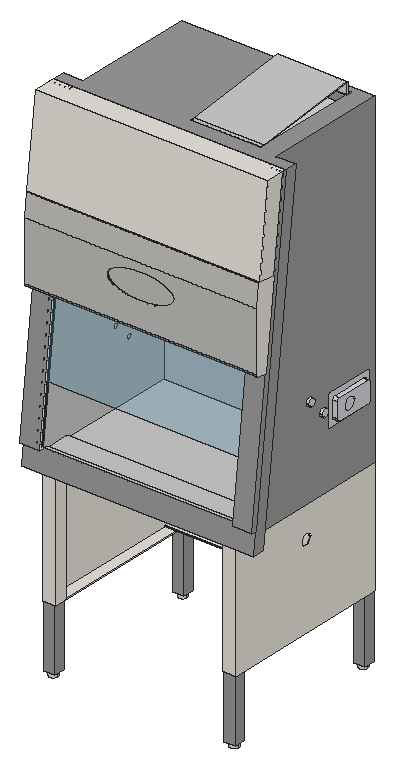
Revit family "NU-545 LabGard Class II Type A2 Laminar Flow Biosafety Cabinet", category Mechanical Equipment, Revit 2020
Family settings
  Round Connector Dimension = Use Diameter
  Part Type = Normal
  OmniClass Number = 23.75.00.00
  OmniClass Title = Climate Control (HVAC)
  Work Plane-Based = No
  Always vertical = Yes
  Cut with Voids When Loaded = No
  Shared = No
  Room Calculation Point = No
Parameters (values of type "NU-545-300")
  window width = 2' - 11 7/8"
  transition width = 1' - 1 3/8"
  transition depth = 1' - 7 1/8"
  exhaust ring inner = 0' - 3 15/16"
  exhaust door width = 1' - 1 3/16"
  crossbar = 2' - 10 9/64"
  Workzone Width = 2' - 10 3/8"
  Overall Width = 3' - 5 9/16"
  Model = "NU-545-300"
  Manufacturer = "NuAire Inc."
  Exhaust Filter Width = 1' - 0 1/2"
  Exhaust Diameter = 0' - 8"
  Exhaust Center = 1' - 1"
  Description = "LabGard Class II Type A2 Laminar Flow Biosafety Cabinet"
  Default Elevation = 0' - 0"
  Cabinet Width = 2' - 10 9/16"
  Cabinet Height = 4' - 10 7/8"
  Cabinet Depth = 2' - 7 7/16"
Types (4): name | window width | transition width | exhaust ring inner | exhaust door width | crossbar | Workzone Width | Overall Width | Model | Exhaust Filter Width | Exhaust Diameter | Exhaust Center | Cabinet Width
  NU-545-600 | 5' - 11 7/8" | 2' - 11 3/8" | 0' - 4 15/16" | 2' - 7 3/16" | 5' - 10.1415" | 5' - 10 3/8" | 6' - 5 9/16" | "NU-545-600" | 2' - 10 1/2" | 0' - 10" | 2' - 0" | 5' - 10 9/16"
  NU-545-500 | 4' - 11 7/8" | 2' - 5 3/8" | 0' - 4 15/16" | 2' - 7 3/16" | 4' - 10 9/64" | 4' - 10 3/8" | 5' - 5 9/16" | "NU-545-500" | 2' - 4 1/2" | 0' - 10" | 1' - 9" | 4' - 10 9/16"
  NU-545-400 | 3' - 11 3/8" | 1' - 9 3/8" | 0' - 4 15/16" | 1' - 7 3/16" | 3' - 10 9/64" | 3' - 10 3/8" | 4' - 5 9/16" | "NU-545-400" | 1' - 8 1/2" | 0' - 10" | 1' - 5" | 3' - 10 9/16"
  NU-545-300 | 2' - 11 7/8" | 1' - 1 3/8" | 0' - 3 15/16" | 1' - 1 3/16" | 2' - 10 9/64" | 2' - 10 3/8" | 3' - 5 9/16" | "NU-545-300" | 1' - 0 1/2" | 0' - 8" | 1' - 1" | 2' - 10 9/16"
Reference planes (in)
  plane 1 "Center (Front/Back)": y = 0
  plane 2: z = 0
  plane 3 "Center (Left/Right)": x = 0
  plane 4: x = -17.28125
  plane 5: x = 17.28125
  plane 6: y = -31.4375
  plane 7 "Cabinet Base": z = 32.5
  plane 8 "Cabinet Top": z = 91.375
  plane 9: x = -20.78125
  plane 10: x = 20.78125
  plane 11: z = 12
  plane 12: z = 36.5
  plane 13: z = 89.703
  plane 14: z = 0.75
  plane 15: z = 12.074
  plane 16: z = 12.25
  plane 17: z = 22.21875
  plane 18: x = -17.07031
  plane 19: x = 17.07031
  plane 20: x = -17.9375
  plane 21: x = 17.9375
  plane 22: z = 68.23219
  plane 23: x = 18.3125
  plane 24: x = 17.34375
  plane 25: z = 99.875
Forms (in)
  Extrusion 1, solid
    sketch origin (0, 0, 0) x (0, 1, 0) y (0, 0, 1)
      loop
        line (0, 32.5) -> (0, 91.375) -> (-24.20856, 91.375) -> (-31.4375, 32.5) -> (0, 32.5)
    from -20.78125 to 20.78125
  Extrusion 2, void
    sketch origin (0, 0, 0) x (0, 1, 0) y (0, 0, 1)
      loop
        line (-22.0676, 91.375) -> (-29.29654, 32.5) -> (0, 32.5) -> (0, 91.375) -> (-22.0676, 91.375)
    from -20.78125 to -17.28125
  Extrusion 3, void
    sketch origin (0, 0, 0) x (0, 1, 0) y (0, 0, 1)
      loop
        line (-22.0676, 91.375) -> (-29.29654, 32.5) -> (0, 32.5) -> (0, 91.375) -> (-22.0676, 91.375)
    from 17.28125 to 20.78125
  Extrusion 4, void
    sketch origin (0, 0, 0) x (0, 1, 0) y (0, 0, 1)
      loop
        line (-30.94636, 36.5) -> (-30.32136, 36.5) -> (-30.32136, 36.1875) -> (-25.69636, 36.1875) -> (-25.69636, 35.6875) -> (-4.18074, 35.6875) -> (-4.18074, 63.9375) -> (-27.57746, 63.9375) -> (-30.94636, 36.5)
    from -17.1875 to 17.1875
  Extrusion 5, void
    sketch origin (0, 0, 91.375) x (1, 0, 0) y (0, -1, 0)
      loop
        line (13.98425, 2.047) -> (13.98425, 20.547) -> (1.48425, 20.547) -> (1.48425, 2.047) -> (13.98425, 2.047)
    from 0 to 1.672
  Extrusion 6, solid
    sketch origin (0, -31.4375, 32.5) x (1, 0, 0) y (0, -1, 0)
      loop
        line (17.28125, -31.4375) -> (17.28125, -0.29687) -> (14.96225, -0.29687) -> (14.96225, -2.54287) -> (17.13325, -2.54287) -> (17.13325, -29.1915) -> (14.96225, -29.1915) -> (14.96225, -31.4375) -> (17.28125, -31.4375)
      loop
        line (-17.28125, -31.4375) -> (-14.96225, -31.4375) -> (-14.96225, -29.1915) -> (-17.13325, -29.1915) -> (-17.13325, -2.54287) -> (-14.96225, -2.54287) -> (-14.96225, -0.29687) -> (-17.28125, -0.29687) -> (-17.28125, -31.4375)
    from 0 to 20.5
  Extrusion 7, solid
    sketch origin (0, -31.4375, 12) x (0, 1, 0) y (1, 0, 0)
      loop
        line (0.42187, -17.15625) -> (2.42187, -17.15625) -> (2.42187, -15.15625) -> (0.42187, -15.15625) -> (0.42187, -17.15625)
      loop
        line (0.42362, 17.15625) -> (0.42362, 15.15625) -> (2.42362, 15.15625) -> (2.42362, 17.15625) -> (0.42362, 17.15625)
      loop
        line (31.3125, 17.15625) -> (29.3125, 17.15625) -> (29.3125, 15.15625) -> (31.3125, 15.15625) -> (31.3125, 17.15625)
      loop
        line (29.3125, -17.15625) -> (31.3125, -17.15625) -> (31.3125, -15.15625) -> (29.3125, -15.15625) -> (29.3125, -17.15625)
    from 0 to 11.25
  Extrusion 8, solid
    sketch origin (0, -31.4375, 0.75) x (-1, 0, 0) y (0, 1, 0)
      loop
        circle (16.15625, 1.40689) r 0.75
      loop
        circle (-16.15625, 1.42362) r 0.75
      loop
        circle (-16.15625, 30.3125) r 0.75
      loop
        circle (16.15625, 30.3125) r 0.75
    from 0 to 0.75
  Extrusion 9, void
    sketch origin (0, 0, 0) x (0, 1, 0) y (0, 0, 1)
      loop
        circle (-15.375, 27) r 1
    from -17.28125 to 17.28125
  Extrusion 10, solid
    sketch origin (0, -31.4375, 12) x (0, 1, 0) y (1, 0, 0)
      loop
        line (2.54287, 17.13325) -> (2.54287, 14.96225) -> (29.1915, 14.96225) -> (29.1915, 17.13325) -> (2.54287, 17.13325)
      loop
        line (29.1915, -14.96225) -> (2.54287, -14.96225) -> (2.54287, -17.13325) -> (29.1915, -17.13325) -> (29.1915, -14.96225)
    from 0 to -0.074
  Extrusion 11, solid
    sketch origin (0, 0, 0) x (0, 1, 0) y (0, 0, 1)
      loop
        line (-4.246, 22.21875) -> (-4.246, 22.09375) -> (-2.3085, 22.09375) -> (-2.3085, 12.375) -> (-4.246, 12.375) -> (-4.246, 12.25) -> (-2.246, 12.25) -> (-2.246, 22.21875) -> (-4.246, 22.21875)
    from -17.07031 to 17.07031
  Extrusion 12, solid
    sketch origin (0, 0, 0) x (0, 1, 0) y (0, 0, 1)
      loop
        line (-30.97451, 36.27075) -> (-24.20856, 91.375) -> (-25.02968, 91.375) -> (-31.78343, 36.37008) -> (-30.97451, 36.27075)
    from 17.28125 to 20.78125
  Extrusion 13, solid
    sketch origin (-20.78125, 0, 0) x (0, -1, 0) y (0, 0, 1)
      loop
        line (24.20856, 91.375) -> (30.97451, 36.27075) -> (31.78343, 36.37008) -> (25.02968, 91.375) -> (24.20856, 91.375)
    from 0 to -3.5
  Extrusion 14, void
    sketch origin (0, 0.01127, -0.00138) x (0, 1, 0) y (0, 0, 1)
      loop
        line (-31.06811, 36.53412) -> (-24.33433, 91.37638) -> (-24.7647, 91.37638) -> (-31.49209, 36.58618) -> (-31.06811, 36.53412)
    from -17.9375 to 17.9375
  Extrusion 15, solid
    sketch origin (0, 0, 0) x (0, 1, 0) y (0, 0, 1)
      loop
        line (-29.83815, 46.4582) -> (-26.28092, 75.3651) -> (-26.46701, 75.388) -> (-30.02425, 46.48105) -> (-29.83815, 46.4582)
    from -17.9375 to 17.9375
  Extrusion 16, solid
    sketch origin (0, 0, 0) x (0, 1, 0) y (0, 0, 1)
      loop
        line (-25.02968, 91.375) -> (-24.20856, 91.375) -> (-24.20856, 91.4375) -> (-28.29641, 91.4375) -> (-30.18251, 76.07644) -> (-26.95674, 75.68036) -> (-25.02968, 91.375)
      loop
        line (-26.97197, 75.5563) -> (-30.19775, 75.95237) -> (-30.68522, 71.98219) -> (-30.68522, 61.39724)
        arc (-30.68522, 61.39724) -> (-30.54401, 61.02451) -> (-30.19128, 60.83893) r 0.5625
        line (-30.19128, 60.83893) -> (-28.80001, 60.6681) -> (-26.97197, 75.5563)
    from -20.78125 to 20.78125
  Extrusion 17, void
    sketch origin (0, -30.68522, 71.98219) x (0, 0, 1) y (1, 0, 0)
      loop
        spline (-3.71919, -5.96875) -> (-3.10786, -5.76537) -> (-2.53819, -5.16909) -> (-2.049, -4.22054) -> (-1.67363, -2.98438) -> (-1.43767, -1.54483) -> (-1.35719, 0) -> (-1.43767, 1.54483) -> (-1.67363, 2.98437) -> (-2.049, 4.22054) -> (-2.53819, 5.16909) -> (-3.10786, 5.76537) -> (-3.71919, 5.96875)
        spline (-3.71919, 5.96875) -> (-4.33052, 5.76537) -> (-4.90019, 5.16909) -> (-5.38937, 4.22054) -> (-5.76474, 2.98437) -> (-6.0007, 1.54483) -> (-6.08119, 0) -> (-6.0007, -1.54483) -> (-5.76474, -2.98438) -> (-5.38937, -4.22054) -> (-4.90019, -5.16909) -> (-4.33052, -5.76537) -> (-3.71919, -5.96875)
    from 0 to 0.07687
  Extrusion 18, void
    sketch origin (0, 0, 0) x (0, 1, 0) y (0, 0, 1)
      loop
        circle (-11.846, 45.958) r 0.5
      loop
        circle (-14.842, 48.958) r 0.5
    from -17.28125 to 17.28125
  Extrusion 19, solid
    sketch origin (-0.214, 0, 0) x (0, 1, 0) y (0, 0, 1)
      loop
        arc (-10.1875, 48.25) -> (-10.36428, 48.17678) -> (-10.4375, 48) r 0.25
        line (-10.4375, 48) -> (-10.4375, 43)
        arc (-10.4375, 43) -> (-10.36428, 42.82322) -> (-10.1875, 42.75) r 0.25
        line (-10.1875, 42.75) -> (-1.6875, 42.75)
        arc (-1.6875, 42.75) -> (-1.51072, 42.82322) -> (-1.4375, 43) r 0.25
        line (-1.4375, 43) -> (-1.4375, 48)
        arc (-1.4375, 48) -> (-1.51072, 48.17678) -> (-1.6875, 48.25) r 0.25
        line (-1.6875, 48.25) -> (-10.1875, 48.25)
      loop
        arc (-9.0625, 47.375) -> (-9.41605, 47.22855) -> (-9.5625, 46.875) r 0.5
        line (-9.5625, 46.875) -> (-9.5625, 44.125)
        arc (-9.5625, 44.125) -> (-9.41605, 43.77145) -> (-9.0625, 43.625) r 0.5
        line (-9.0625, 43.625) -> (-2.8125, 43.625)
        arc (-2.8125, 43.625) -> (-2.45895, 43.77145) -> (-2.3125, 44.125) r 0.5
        line (-2.3125, 44.125) -> (-2.3125, 46.875)
        arc (-2.3125, 46.875) -> (-2.45895, 47.22855) -> (-2.8125, 47.375) r 0.5
        line (-2.8125, 47.375) -> (-9.0625, 47.375)
    from 17.49525 to 17.55775
  Extrusion 20, solid
    sketch origin (17.28125, 0, 0) x (0, 1, 0) y (0, 0, 1)
      loop
        arc (-9.0625, 47.375) -> (-9.41605, 47.22855) -> (-9.5625, 46.875) r 0.5
        line (-9.5625, 46.875) -> (-9.5625, 44.125)
        arc (-9.5625, 44.125) -> (-9.41605, 43.77145) -> (-9.0625, 43.625) r 0.5
        line (-9.0625, 43.625) -> (-2.8125, 43.625)
        arc (-2.8125, 43.625) -> (-2.45895, 43.77145) -> (-2.3125, 44.125) r 0.5
        line (-2.3125, 44.125) -> (-2.3125, 46.875)
        arc (-2.3125, 46.875) -> (-2.45895, 47.22855) -> (-2.8125, 47.375) r 0.5
        line (-2.8125, 47.375) -> (-9.0625, 47.375)
    from 0 to 1.03125
  Extrusion 21, void
    sketch origin (0, 0, 0) x (0, 1, 0) y (0, 0, 1)
      loop
        circle (-6.9375, 45.5) r 1.12448
    from 18.20767 to 18.3125
  Extrusion 22, solid
    sketch origin (0, -22.0676, 91.375) x (0, -0.121869, -0.992546) y (-1, 0, 0)
      loop
        circle (57.52663, 18.96723) r 0.5
    from 0 to 0.0987
  Extrusion 23, solid
    sketch origin (0, 0, 0) x (0, 1, 0) y (0, 0, 1)
      loop
        circle (-11.846, 45.958) r 0.625
      loop
        circle (-14.846, 48.954) r 0.625
    from 17.28125 to 17.9375
  Extrusion 24, solid
    sketch origin (-17.28125, 0, 0) x (0, -1, 0) y (0, 0, 1)
      loop
        circle (14.84766, 48.954) r 0.625
      loop
        circle (11.846, 45.95312) r 0.625
    from 0 to 0.65625
  Extrusion 25, solid
    sketch origin (1.48425, -20.547, 91.375) x (0, 1, 0) y (0, 0, 1)
      loop
        line (18.5, 0) -> (19.25, 0) -> (19.25, 0.05) -> (18.55, 0.05) -> (18.55, 2.05541) -> (0, 0.05) -> (-0.75, 0.05) -> (-0.75, 0) -> (0, 0) -> (18.5, 2) -> (18.5, 0)
    from 0 to 12.5
Cuts and joins
  Extrusion 2, Extrusion 3, Extrusion 4, Extrusion 5, Extrusion 17, Extrusion 18 cuts Extrusion 1
  Extrusion 9 cuts Extrusion 6
  Extrusion 14, Extrusion 18 cuts Extrusion 13
  Extrusion 14 cuts Extrusion 12
  Extrusion 17 cuts Extrusion 15
  Extrusion 17 cuts Extrusion 16
  Extrusion 21 cuts Extrusion 20
  joined: Extrusion 19, Extrusion 20
Dimensions and locks (in)
  equal spacing: plane 4, plane 3 "Center (Left/Right)", plane 5
  "Cabinet Width": plane 4 to plane 5
  "Cabinet Depth": plane 1 "Center (Front/Back)" to plane 6
  "Cabinet Height": plane 8 "Cabinet Top" to plane 7 "Cabinet Base"
  equal spacing: plane 10, plane 3 "Center (Left/Right)", plane 9
  "Overall Width": plane 10 to plane 9
  plane 7 "Cabinet Base" to Extrusion 1 = 4' - 10 7/8"
  locked: Extrusion 2 sketch curve to Extrusion 1 at 2.125
  Extrusion 2 to plane 7 "Cabinet Base" = 4' - 10 7/8"
  locked: cut or joined group of Extrusion 1, Extrusion 2, Extrusion 3, Extrusion 4, Extrusion 5, Extrusion 17, Extrusion 18 to Extrusion 3 sketch curve at 2.125
  Extrusion 3 to plane 7 "Cabinet Base" = 4' - 10 7/8"
  plane 7 "Cabinet Base" to level = 2' - 8 1/2"
  equal spacing: cut or joined group of Extrusion 1, Extrusion 2, Extrusion 3, Extrusion 4, Extrusion 5, Extrusion 17, Extrusion 18, plane 3 "Center (Left/Right)", cut or joined group of Extrusion 1, Extrusion 2, Extrusion 3, Extrusion 4, Extrusion 5, Extrusion 17, Extrusion 18
  "Workzone Width": cut or joined group of Extrusion 1, Extrusion 2, Extrusion 3, Extrusion 4, Extrusion 5, Extrusion 17, Extrusion 18 to cut or joined group of Extrusion 1, Extrusion 2, Extrusion 3, Extrusion 4, Extrusion 5, Extrusion 17, Extrusion 18
  locked: Extrusion 5 sketch curve to plane 5 at 3.297
  "Exhaust Filter Width": Extrusion 5 sketch curve to Extrusion 5 sketch curve
  locked: Extrusion 5 sketch curve to plane 1 "Center (Front/Back)" at 2.047
  Extrusion 5 sketch curve to Extrusion 5 sketch curve = 1' - 6 1/2"
  locked: Extrusion 6 to Extrusion 7 sketch curve at 0.125
  locked: Extrusion 7 sketch curve to Extrusion 6 at 0.125  (x4)
  Extrusion 7 sketch curve to Extrusion 7 sketch curve = 0' - 2"  (x8)
  Extrusion 6 to Extrusion 7 sketch curve = 0' - 0 1/8"  (x2)
  Extrusion 6 to Extrusion 7 sketch curve = 0' - 0.12674"
  Extrusion 8 sketch curve to Extrusion 7 = 0' - 1"  (x2)
  Extrusion 7 to Extrusion 8 sketch curve = 0' - 0.98502"
  Extrusion 7 to Extrusion 8 sketch curve = 0' - 1"  (x5)
  Extrusion 6 to Extrusion 9 sketch curve = 0' - 5 1/2"
  Extrusion 6 to Extrusion 9 sketch curve = 1' - 3 3/8"
  equal spacing: plane 19, plane 3 "Center (Left/Right)", plane 18
  "crossbar": plane 19 to plane 18
  cut or joined group of Extrusion 1, Extrusion 2, Extrusion 3, Extrusion 4, Extrusion 5, Extrusion 17, Extrusion 18 to Extrusion 12 sketch curve = 0' - 0.815"
  Extrusion 13 to Extrusion 14 sketch curve = 0' - 0.11365"
  Extrusion 14 sketch curve to Extrusion 14 sketch curve = 0' - 0.42716"
  Extrusion 13 to Extrusion 14 sketch curve = 0' - 0 1/4"
  equal spacing: plane 21, plane 3 "Center (Left/Right)", plane 20
  "window width": plane 21 to plane 20
  cut or joined group of Extrusion 13, Extrusion 14, Extrusion 18 to Extrusion 15 sketch curve to Extrusion 15 sketch curve = 0' - 10", 2' - 5 1/8" locked
  equal spacing: Extrusion 15, plane 3 "Center (Left/Right)", Extrusion 15
  "window width": Extrusion 15 to Extrusion 15
  locked: Extrusion 16 sketch curve to Extrusion 16 sketch curve at 15
  locked: Extrusion 16 sketch curve to Extrusion 16 sketch curve at 4
  Extrusion 16 sketch curve to Extrusion 16 sketch curve = 2' - 6 15/16"
  equal spacing: Extrusion 16, plane 3 "Center (Left/Right)", Extrusion 16
  "Overall Width": Extrusion 16 to Extrusion 16
  equal spacing: plane 10, Extrusion 17 sketch curve, plane 9
  Extrusion 18 sketch curve to cut or joined group of Extrusion 1, Extrusion 2, Extrusion 3, Extrusion 4, Extrusion 5, Extrusion 17, Extrusion 18 = 1' - 2.842"
  Extrusion 18 sketch curve to cut or joined group of Extrusion 6, Extrusion 9 = 1' - 1.458"
  Extrusion 18 sketch curve to cut or joined group of Extrusion 6, Extrusion 9 = 1' - 4.458"
  Extrusion 19 sketch curve to cut or joined group of Extrusion 1, Extrusion 2, Extrusion 3, Extrusion 4, Extrusion 5, Extrusion 17, Extrusion 18 = 0' - 1 7/16"
  Extrusion 19 sketch curve to Extrusion 19 sketch curve = 0' - 9"
  Extrusion 19 sketch curve to cut or joined group of Extrusion 6, Extrusion 9 = 0' - 10 1/4"
  Extrusion 19 sketch curve to Extrusion 19 sketch curve = 0' - 5 1/2"
  Extrusion 19 sketch curve to Extrusion 19 sketch curve = 0' - 3 3/4"
  Extrusion 19 sketch curve to Extrusion 19 sketch curve = 0' - 7 1/4"
  Extrusion 19 sketch curve to Extrusion 19 sketch curve = 0' - 0 7/8"
  plane 10 to plane 23 to cut or joined group of Extrusion 1, Extrusion 2, Extrusion 3, Extrusion 4, Extrusion 5, Extrusion 17, Extrusion 18 = 0' - 2 15/32" locked, 0' - 1 1/32" locked
  Extrusion 21 sketch curve to cut or joined group of Extrusion 6, Extrusion 9 = 1' - 1"
  Extrusion 21 sketch curve to cut or joined group of Extrusion 1, Extrusion 2, Extrusion 3, Extrusion 4, Extrusion 5, Extrusion 17, Extrusion 18 = 0' - 6 15/16"
  plane 23 to plane 24 to cut or joined group of Extrusion 19, Extrusion 20, Extrusion 21 = 0' - 0 31/32" locked, 0' - 0 1/16" locked
  locked: cut or joined group of Extrusion 19, Extrusion 20, Extrusion 21 to cut or joined group of Extrusion 19, Extrusion 20, Extrusion 21 at 0.10483
  locked: cut or joined group of Extrusion 1, Extrusion 2, Extrusion 3, Extrusion 4, Extrusion 5, Extrusion 17, Extrusion 18 to plane 23 at 1.03125
  Extrusion 22 sketch curve to cut or joined group of Extrusion 1, Extrusion 2, Extrusion 3, Extrusion 4, Extrusion 5, Extrusion 17, Extrusion 18 = 0' - 1.79051"
  cut or joined group of Extrusion 1, Extrusion 2, Extrusion 3, Extrusion 4, Extrusion 5, Extrusion 17, Extrusion 18 to Extrusion 22 sketch curve = 0' - 1.81402"
  Extrusion 18 sketch curve to cut or joined group of Extrusion 1, Extrusion 2, Extrusion 3, Extrusion 4, Extrusion 5, Extrusion 17, Extrusion 18 = 0' - 11.846"
  Extrusion 23 sketch curve to cut or joined group of Extrusion 6, Extrusion 9 = 1' - 1.458"
  Extrusion 23 sketch curve to cut or joined group of Extrusion 6, Extrusion 9 = 1' - 4.454"
  Extrusion 23 sketch curve to cut or joined group of Extrusion 1, Extrusion 2, Extrusion 3, Extrusion 4, Extrusion 5, Extrusion 17, Extrusion 18 = 0' - 11.846"
  Extrusion 23 sketch curve to cut or joined group of Extrusion 1, Extrusion 2, Extrusion 3, Extrusion 4, Extrusion 5, Extrusion 17, Extrusion 18 = 1' - 2.846"
  Extrusion 24 sketch curve to cut or joined group of Extrusion 6, Extrusion 9 = 1' - 1 29/64"
  Extrusion 24 sketch curve to cut or joined group of Extrusion 6, Extrusion 9 = 1' - 4.454"
  cut or joined group of Extrusion 1, Extrusion 2, Extrusion 3, Extrusion 4, Extrusion 5, Extrusion 17, Extrusion 18 to Extrusion 24 sketch curve = 0' - 11.846"
  cut or joined group of Extrusion 1, Extrusion 2, Extrusion 3, Extrusion 4, Extrusion 5, Extrusion 17, Extrusion 18 to Extrusion 24 sketch curve = 1' - 2 217/256"
  locked: plane 6 to Extrusion 1 sketch curve (angle 7.00°)
  aligned and locked: level to plane 2
  aligned and locked: plane 1 "Center (Front/Back)" to Extrusion 1 sketch curve
  aligned and locked: plane 8 "Cabinet Top" to Extrusion 1 sketch curve
  aligned and locked: plane 7 "Cabinet Base" to Extrusion 1 sketch curve
  aligned and locked: Extrusion 1 to plane 9
  aligned and locked: Extrusion 1 to plane 10
  aligned and locked: Extrusion 2 sketch curve to Extrusion 1  (x3)
  aligned and locked: Extrusion 2 to plane 9
  aligned and locked: plane 4 to Extrusion 2
  aligned and locked: cut or joined group of Extrusion 1, Extrusion 2, Extrusion 3, Extrusion 4, Extrusion 5, Extrusion 17, Extrusion 18 to Extrusion 3 sketch curve  (x2)
  aligned and locked: Extrusion 3 sketch curve to cut or joined group of Extrusion 1, Extrusion 2, Extrusion 3, Extrusion 4, Extrusion 5, Extrusion 17, Extrusion 18
  aligned and locked: Extrusion 3 to plane 10
  aligned and locked: Extrusion 3 to plane 5
  aligned and locked: Extrusion 5 to plane 13
  aligned and locked: Extrusion 6 to plane 11
  aligned and locked: Extrusion 6 to plane 7 "Cabinet Base"
  aligned and locked: plane 14 to Extrusion 7
  aligned and locked: Extrusion 8 to level
  aligned and locked: plane 5 to Extrusion 9
  aligned and locked: Extrusion 9 to plane 4
  aligned and locked: Extrusion 10 sketch curve to cut or joined group of Extrusion 6, Extrusion 9  (x8)
  aligned and locked: plane 15 to Extrusion 10
  aligned and locked: Extrusion 11 to plane 18
  aligned and locked: plane 19 to Extrusion 11
  aligned and locked: plane 8 "Cabinet Top" to Extrusion 12 sketch curve
  aligned and locked: Extrusion 12 to plane 10
  aligned and locked: Extrusion 12 to plane 5
  aligned and locked: plane 8 "Cabinet Top" to Extrusion 13 sketch curve
  aligned and locked: cut or joined group of Extrusion 1, Extrusion 2, Extrusion 3, Extrusion 4, Extrusion 5, Extrusion 17, Extrusion 18 to Extrusion 13 sketch curve
  aligned and locked: Extrusion 13 sketch curve to Extrusion 12  (x2)
  aligned and locked: plane 4 to Extrusion 13
  aligned and locked: Extrusion 14 to plane 20
  aligned and locked: Extrusion 14 to plane 21
  aligned and locked: Extrusion 14 to plane 8 "Cabinet Top"
  aligned and locked: plane 5 to Extrusion 18
  aligned and locked: Extrusion 18 to plane 4
  aligned and locked: Extrusion 19 to plane 5
  aligned and locked: Extrusion 19 to Extrusion 20 sketch curve  (x4)
  aligned and locked: Extrusion 20 to plane 23
  aligned and locked: Extrusion 21 to plane 23
  aligned and locked: Extrusion 20 to plane 5
  aligned and locked: Extrusion 19 to plane 24
  aligned and locked: Extrusion 23 to plane 5
  aligned and locked: Extrusion 24 to plane 20
  aligned and locked: plane 21 to Extrusion 23
  aligned and locked: cut or joined group of Extrusion 1, Extrusion 2, Extrusion 3, Extrusion 4, Extrusion 5, Extrusion 17, Extrusion 18 to Extrusion 25
  aligned and locked: Extrusion 25 to cut or joined group of Extrusion 1, Extrusion 2, Extrusion 3, Extrusion 4, Extrusion 5, Extrusion 17, Extrusion 18
Automatic sketch dimensions
  Extrusion 1 sketch curve to plane 6 = 0' - 0"
  plane 12 to Extrusion 4 sketch curve = 0' - 0"
  plane 6 to Extrusion 4 sketch curve = 0' - 0.49114"
  plane 12 to Extrusion 4 sketch curve = 0' - 0 5/16"
  Extrusion 4 sketch curve to Extrusion 4 sketch curve = 0' - 0 5/8"
  plane 6 to Extrusion 4 sketch curve = 0' - 3.86004"
  plane 12 to Extrusion 4 sketch curve = 0' - 0 13/16"
  Extrusion 4 sketch curve to Extrusion 4 sketch curve = 0' - 4 5/8"
  plane 1 "Center (Front/Back)" to Extrusion 4 sketch curve = 0' - 4.18074"
  Extrusion 4 sketch curve to plane 13 = 2' - 1.7655"
  Extrusion 1 to Extrusion 6 sketch curve = 0' - 0"  (x2)
  Extrusion 6 sketch curve to Extrusion 1 = 0' - 3 1/2"
  Extrusion 6 sketch curve to Extrusion 6 sketch curve = 0' - 0.148"  (x2)
  Extrusion 6 sketch curve to Extrusion 6 sketch curve = 0' - 2.171"  (x3)
  Extrusion 1 to Extrusion 6 sketch curve = 0' - 2.246"  (x2)
  Extrusion 6 sketch curve to Extrusion 1 = 0' - 5.819"  (x2)
  Extrusion 6 sketch curve to Extrusion 1 = 0' - 0 19/64"  (x2)
  Extrusion 6 sketch curve to Extrusion 6 sketch curve = 0' - 2.246"  (x2)
  Extrusion 11 sketch curve to plane 17 = 0' - 0"
  Extrusion 11 sketch curve to plane 16 = 0' - 0"
  plane 1 "Center (Front/Back)" to Extrusion 11 sketch curve = 0' - 4.246"  (x2)
  plane 16 to Extrusion 11 sketch curve = 0' - 0 1/8"
  Extrusion 11 sketch curve to Extrusion 11 sketch curve = 0' - 1 15/16"
  Extrusion 11 sketch curve to Extrusion 11 sketch curve = 0' - 0 1/16"
  Extrusion 11 sketch curve to Extrusion 11 sketch curve = 0' - 0 1/8"
  plane 6 to Extrusion 12 sketch curve = 0' - 0.46299"
  Extrusion 12 sketch curve to plane 6 = 0' - 0.34593"
  plane 8 "Cabinet Top" to Extrusion 14 sketch curve = 0' - 0"
  Extrusion 15 sketch curve to Extrusion 15 sketch curve = 0' - 0.1861"
  plane 6 to Extrusion 15 sketch curve = 0' - 1.41325"
  plane 6 to Extrusion 15 sketch curve = 0' - 4.97049"
  level to Extrusion 15 sketch curve = 6' - 3.3651"
  plane 8 "Cabinet Top" to Extrusion 16 sketch curve = 0' - 0"
  Extrusion 16 sketch curve to Extrusion 16 sketch curve = 0' - 0.01523"  (x2)
  Extrusion 16 sketch curve to Extrusion 16 sketch curve = 0' - 1.39126"
  Extrusion 16 sketch curve to plane 8 "Cabinet Top" = 0' - 0 1/16"
  Extrusion 16 sketch curve to Extrusion 16 sketch curve = 0' - 0.82112"
  Extrusion 16 sketch curve to Extrusion 16 sketch curve = 0' - 0.12407"
  plane 6 to Extrusion 16 sketch curve = 0' - 0.75228"
  plane 6 to Extrusion 16 sketch curve = 0' - 1.23975"
  Extrusion 16 sketch curve to Extrusion 16 sketch curve = 0' - 0.49395"
  plane 6 to Extrusion 16 sketch curve = 0' - 3.14109"
  Extrusion 17 sketch curve to Extrusion 16 = 0' - 3.71919"
  Extrusion 17 sketch curve to Extrusion 17 sketch curve = 0' - 5 31/32"
  Extrusion 19 sketch curve to Extrusion 19 sketch curve = 0' - 0 1/4"  (x4)
  Extrusion 19 sketch curve to Extrusion 19 sketch curve = 0' - 0 5/8"
  Extrusion 19 sketch curve to Extrusion 19 sketch curve = 0' - 0 1/2"  (x4)
  Extrusion 20 sketch curve to Extrusion 20 sketch curve = 0' - 0 1/2"  (x4)
  Extrusion 25 sketch curve to Extrusion 5 = 0' - 0"  (x4)
  Extrusion 5 to Extrusion 25 sketch curve = 0' - 0"
  Extrusion 25 sketch curve to Extrusion 5 = 0' - 0 3/4"
  Extrusion 25 sketch curve to Extrusion 5 = 0' - 0.05"  (x2)
  Extrusion 5 to Extrusion 25 sketch curve = 0' - 0 3/4"
  Extrusion 25 sketch curve to Extrusion 25 sketch curve = 0' - 1.95"
  Extrusion 5 to Extrusion 25 sketch curve = 0' - 0.05"
  Extrusion 25 sketch curve to Extrusion 25 sketch curve = 0' - 0.05541"
  radius of Extrusion 8 sketch curve = 0' - 0 3/4"  (x4)
  radius of Extrusion 9 sketch curve = 0' - 1"
  radius of Extrusion 18 sketch curve = 0' - 0 1/2"  (x2)
  radius of Extrusion 21 sketch curve = 0' - 1.12448"
  radius of Extrusion 22 sketch curve = 0' - 0 1/2"
  radius of Extrusion 23 sketch curve = 0' - 0 5/8"  (x2)
  radius of Extrusion 24 sketch curve = 0' - 0 5/8"  (x2)
Connectors (in)
  piping at (17.9375, -11.846, 45.958), diameter 0.875
    settings: on Extrusion 23, index 2, connector inside diameter 24", connector length 0' - 0", flow factor 0, pipe flow 0 GPM, pressure drop 0.00 psi, fitting loss kfactor 0, connector angle 0.00°, fixture units 0, engagement length 0' - 0", angle of deflection 0.00°, flow configuration 0, flow direction 1, fitting loss method 0, system type 28, joint type 0, gender type 0, connector reference index -1, connector utility 0, adjustable connector no, is connector primary yes, connector description ""
  piping at (17.9375, -14.846, 48.954), diameter 0.875
    settings: on Extrusion 23, index 3, connector inside diameter 24", connector length 0' - 0", flow factor 0, pipe flow 0 GPM, pressure drop 0.00 psi, fitting loss kfactor 0, connector angle 0.00°, fixture units 0, engagement length 0' - 0", angle of deflection 0.00°, flow configuration 0, flow direction 0, fitting loss method 0, system type 28, joint type 0, gender type 0, connector reference index -1, connector utility 0, adjustable connector no, is connector primary no, connector description ""
  electrical at (-18.96723, -28.98037, 34.26514)
    settings: on Extrusion 22, index 4, voltage 115 V, apparent load 0 VA, apparent load phase1 0 VA, apparent load phase2 0 VA, apparent load phase3 0 VA, power factor 1, load classification "Power", number of poles 2, system type 31, power factor state 1, is connector primary yes, connector utility yes, sub classification motor no, connector description ""
